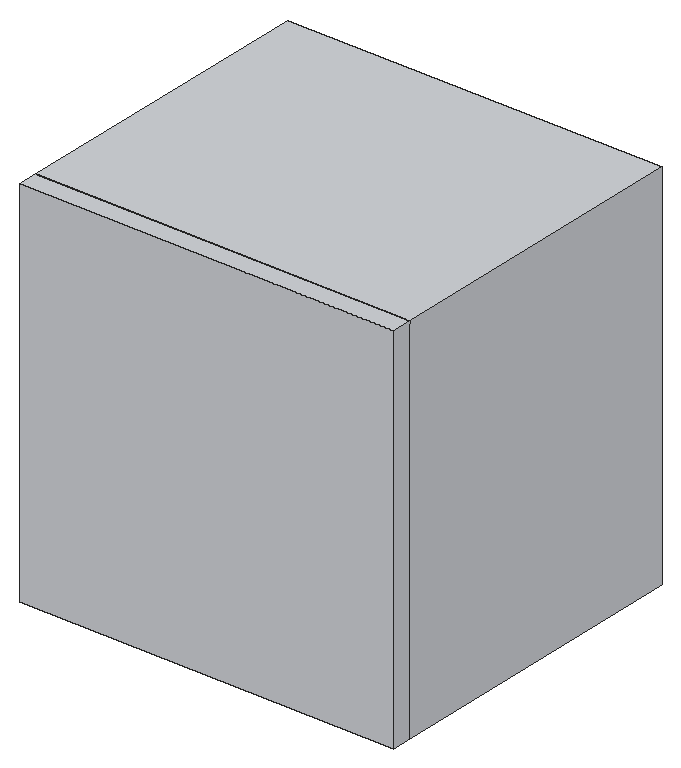
Revit family "Box1", category Casework, Revit 2024
Family settings
  Work Plane-Based = No
  Always vertical = Yes
  Cut with Voids When Loaded = No
  Shared = No
  Room Calculation Point = No
Parameters
  BoxWidth_Yaxis [instance] = 500 mm
  BoxWidth_Xaxis [instance] = 500 mm
  Side_Width [instance] = 500 mm
  BoxPanel_Width [instance] = 30 mm
  Default Elevation = 0 mm
  BackPanel_Width [instance] = 30 mm
Reference planes
  plane 1 "Back": y = 0
  plane 2: z = 0
  plane 3 "Center (Left/Right)": x = 0
  plane 4: x = 560
  plane 5: z = 560
  plane 6: z = 530
  plane 7: x = 530
  plane 8: x = 30
  plane 9: z = 30
  plane 10: y = 500
  plane 11: y = 30
Forms (mm)
  Extrusion 1, solid
    sketch origin (0, 0, 0) x (1, 0, 0) y (0, 0, 1)
      loop
        line (0, 560) -> (0, 0) -> (560, 0) -> (560, 560) -> (0, 560)
      loop
        line (30, 530) -> (30, 30) -> (530, 30) -> (530, 530) -> (30, 530)
    from -30 to -500
  Extrusion 2, solid
    sketch origin (0, 0, 0) x (1, 0, 0) y (0, 0, 1)
      loop
        line (0, 560) -> (0, 0) -> (560, 0) -> (560, 560) -> (0, 560)
    from 0 to -30
Dimensions and locks
  "BoxPanel_Width": plane 5 to plane 6
  "BoxPanel_Width": plane 9 to level
  "BoxPanel_Width": plane 8 to plane 3 "Center (Left/Right)"
  "BoxPanel_Width": plane 4 to plane 7
  "Side_Width": plane 10 to plane 1 "Back"
  "BoxWidth_Xaxis": plane 7 to plane 8
  "BoxWidth_Yaxis": plane 6 to plane 9
  "BackPanel_Width": plane 11 to plane 1 "Back"
  aligned and locked: level to plane 2
  aligned and locked: Extrusion 1 sketch curve to plane 5
  aligned and locked: plane 3 "Center (Left/Right)" to Extrusion 1 sketch curve
  aligned and locked: plane 2 to Extrusion 1 sketch curve
  aligned and locked: Extrusion 1 sketch curve to plane 4
  aligned and locked: Extrusion 1 sketch curve to plane 6
  aligned and locked: plane 8 to Extrusion 1 sketch curve
  aligned and locked: plane 9 to Extrusion 1 sketch curve
  aligned and locked: Extrusion 1 sketch curve to plane 7
  aligned and locked: plane 10 to Extrusion 1
  aligned and locked: plane 11 to Extrusion 1
  aligned and locked: Extrusion 2 sketch curve to Extrusion 1  (x4)
  aligned and locked: Extrusion 2 to plane 1 "Back"
  aligned and locked: Extrusion 2 to plane 11
